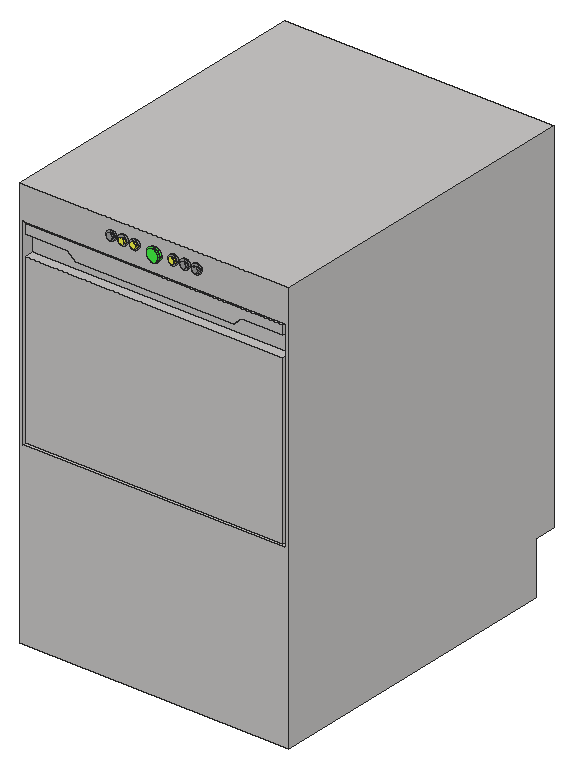
Revit family "QF_ELECTROLUXPROFESSIONAL_402225_ESDICWGB", category Specialty Equipment, Revit 2018
Family settings
  Round Connector Dimension = Use Diameter
  Part Type = Normal
  Work Plane-Based = No
  Always vertical = Yes
  Cut with Voids When Loaded = No
  Shared = No
  Room Calculation Point = No
Parameters
  Weight = 37.00 kg
  Watts = 0 W
  Volts = 0 V
  URL Manufacturer = ""
  URL = "http://professional.electrolux.com/"
  Steam Supply Size = 0 mm
  Steam Supply Minimum Pressure = 0.0 Pa
  Steam Supply Maximum Pressure = 0.0 Pa
  Steam Pounds per Hour = 0
  Show Logo [instance] = yes
  Show Clearance [instance] = yes
  Refrigeration Suction Line Size = 0 mm
  Refrigeration Liquid Line Size = 0 mm
  Refrigerant Compressor Remote = yes
  Manufacturer = ""
  Phase = 0
  Model = ""
  Length Actual = 460 mm  # constant formula
  Item Number = ""
  Hot Water Size = 0 mm
  Height Actual = 715 mm  # constant formula
  HP = "4.4 HP"
  Gas Size = 0 mm
  Gas KW = 0
  Gas Input Pressure = 0 W
  Direct Waste Size = 27 mm
  Description = ""
  Depth Actual = 565 mm  # constant formula
  Cycle = 0 Hz
  Condensate Return Size = 0 mm
  Compressed Air Volume = 0.0 L/s
  Compressed Air Size = 0 mm
  Compressed Air Pressure = 0.0 Pa
  Cold Water Size = 0 mm
  Accessory = yes
Types (2, lengths in mm): name | Volts | URL Manufacturer | URL | Manufacturer | Phase | Model | Item Number | Description | Cycle | Cold Water Size
  (no name) | 0 V | "" | "http://professional.electrolux.com/" | "" | 0 | "" | "" | "" | 0 Hz | 0
  Standard | 220 V | "http://professional.electrolux.com" | "http://professional.electrolux.com" | "Electrolux Professional" | 1 | "ESDICWGB" | "402225" | "GLASSWASHER(S) INS. DOUBLE SKIN, COLD RINSE, WS, DP, DD, RBP, 30B/H" | 50 Hz | 19.05
Reference planes
  plane 1 "Center (Front/Back)": y = 0
  plane 2: z = 0
  plane 3 "Center (Left/Right)": x = 0
  plane 4 "LEFT": x = -230
  plane 5 "RIGHT": x = 230
  plane 6 "FRONT": y = -282.5
  plane 7 "BACK": y = 282.5
  plane 8: x = -202.5
  plane 9: x = 202.5
  plane 10: z = 715
  plane 11: z = 10
Forms (mm)
  Extrusion 1, solid, material "QF_Finishes_Stainless Steel"
    sketch origin (0, 0, 0) x (1, 0, 0) y (0, 1, 0)
      loop
        line (-230, -282.5) -> (230, -282.5) -> (230, 243.5) -> (-230, 243.5) -> (-230, -282.5)
    from 10 to 715
  Extrusion 2, solid, material "QF_Finishes_Stainless Steel"
    sketch origin (0, 0, 0) x (1, 0, 0) y (0, 1, 0)
      loop
        line (-230, 243.5) -> (230, 243.5) -> (230, 282.5) -> (-230, 282.5) -> (-230, 243.5)
    from 100 to 715
  Extrusion 3, solid, material "QF_Finishes_Stainless Steel"
    sketch origin (0, 0, 0) x (1, 0, 0) y (0, 1, 0)
      loop
        circle (-202.5, 184.5) r 12.5
      loop
        circle (202.5, 184.5) r 12.5
      loop
        circle (-202.5, -235.5) r 12.5
      loop
        circle (202.5, -235.5) r 12.5
    from 0 to 10
  Extrusion 4, void
    sketch origin (-230, -282.5, 0) x (-1, 0, 0) y (0, 0, 1)
      loop
        line (-5, 658.217) -> (-455, 658.217) -> (-455, 315) -> (-5, 315) -> (-5, 658.217)
    from 0 to 30
  Extrusion 5, solid, material "QF_Finishes_Stainless Steel"
    sketch origin (-53, -392, 738) x (0, 0, -1) y (1, 0, 0)
      loop
        circle (693, 213) r 10
    from -635.5 to -674.5
  Extrusion 6, solid, material "QF_Door-Drawer Clearances", visible <- "Show Clearance", detail levels coarse
    sketch origin (-230, -282.5, 0) x (0, 1, 0) y (0, 0, -1)
      loop
        line (0, -315) -> (-315, -315)
        arc (-315, -315) -> (-223.2, -545.869) -> (0, -655) r 344.605
        line (0, -655) -> (0, -315)
    from -10 to -450
  Extrusion 7, solid, material "QF_Finishes_Stainless Steel"
    sketch origin (-242.481, -392, 738) x (0, 0, -1) y (1, 0, 0)
      loop
        circle (663, 322.481) r 8
    from -635.5 to -674.5
  Extrusion 8, solid, material "QF_Finishes_Green"
    sketch origin (234, -282.5, -28.75) x (-1, 0, 0) y (0, 0, -1)
      loop
        circle (234, -714.569) r 10
    from 0 to 5
  Extrusion 9, solid, material "QF_Finishes_Gray"
    sketch origin (234, -282.5, -24.375) x (-1, 0, 0) y (0, 0, -1)
      loop
        circle (306.936, -713.972) r 5
    from 0 to 5
  Extrusion 10, solid, material "QF_Finishes_Stainless Steel"
    sketch origin (-230, -282.5, 0) x (0, 1, 0) y (0, 0, -1)
      loop
        line (0, -319.622) -> (0, -605) -> (15, -605) -> (15, -655) -> (25, -655) -> (25, -319.622) -> (0, -319.622)
    from -10 to -450
  Extrusion 11, solid, material "QF_Finishes_Stainless Steel"
    sketch origin (-230, -282.5, 0) x (0, 1, 0) y (0, 0, -1)
      loop
        line (15, -655) -> (15, -652.514) -> (2.5, -652.514) -> (2.5, -626.25) -> (0, -626.25) -> (0, -655) -> (15, -655)
    from -10 to -450
  Extrusion 12, void
    sketch origin (-230, -282.5, 655) x (0, 0, 1) y (1, 0, 0)
      loop
        line (-15.552, 10) -> (-15.552, 81.607) -> (-28.75, 94.804) -> (-28.75, 10) -> (-15.552, 10)
      loop
        line (-15.552, 450) -> (-28.75, 450) -> (-28.75, 365.196) -> (-15.552, 378.393) -> (-15.552, 450)
    from 0 to 2.5
  Extrusion 13, solid, material "QF_Finishes_Stainless Steel"
    sketch origin (-328, -392, 738) x (0, 0, -1) y (1, 0, 0)
      loop
        circle (663, 228) r 8
    from -635.5 to -674.5
  Extrusion 14, solid, material "QF_Finishes_Green"
    sketch origin (-230, -282.5, 0) x (1, 0, 0) y (0, 0, 1)
      loop
        circle (230, 685.819) r 12
      loop
        circle (230, 685.819) r 10
    from 0 to 2.5
  Extrusion 15, solid, material "QF_Finishes_Gray"
    sketch origin (-210, -282.5, -28.75) x (1, 0, 0) y (0, 0, 1)
      loop
        circle (262.936, 718.347) r 8
      loop
        circle (262.936, 718.347) r 5
      loop
        circle (242.936, 718.347) r 8
      loop
        circle (242.936, 718.347) r 5
      loop
        circle (282.936, 718.347) r 8
      loop
        circle (282.936, 718.347) r 5
    from 0 to 2.5
  Extrusion 16, solid, material "QF_Finishes_Gray"
    sketch origin (-234, -282.5, -24.375) x (1, 0, 0) y (0, 0, 1)
      loop
        circle (286.936, 713.972) r 5
      loop
        circle (306.936, 713.972) r 5
    from 0 to 5
  Extrusion 17, solid, material "QF_Finishes_Gray"
    sketch origin (210, -282.5, -28.75) x (-1, 0, 0) y (0, 0, -1)
      loop
        circle (262.936, -718.347) r 8
      loop
        circle (262.936, -718.347) r 5
      loop
        circle (242.936, -718.347) r 8
      loop
        circle (242.936, -718.347) r 5
      loop
        circle (282.936, -718.347) r 8
      loop
        circle (282.936, -718.347) r 5
    from 0 to 2.5
  Extrusion 18, solid, material "QF_Finishes_Yellow"
    sketch origin (254, -282.5, -24.375) x (-1, 0, 0) y (0, 0, -1)
      loop
        circle (306.936, -713.972) r 5
    from 0 to 5
  Extrusion 19, solid, material "QF_Finishes_Yellow"
    sketch origin (274, -282.5, -24.375) x (-1, 0, 0) y (0, 0, -1)
      loop
        circle (306.936, -713.972) r 5
    from 0 to 5
  Extrusion 20, solid, material "QF_Finishes_Yellow"
    sketch origin (339.871, -282.5, -24.375) x (-1, 0, 0) y (0, 0, -1)
      loop
        circle (306.936, -713.972) r 5
    from 0 to 5
Cuts and joins
  Extrusion 4 cuts Extrusion 1
  joined: Extrusion 1, Extrusion 2
  Extrusion 12 cuts Extrusion 10
  Extrusion 12 cuts Extrusion 11
Lines and regions (mm)
  Split face 1
    outline origin (-230, -282.5, 715) x (0, 0, -1) y (1, 0, 0)
      loop
        line (35, 0) -> (35, 60) -> (49.142, 74.142) -> (49.142, 214.142) -> (11.456, 214.142)
        arc (11.456, 214.142) -> (9.82, 214.82) -> (9.142, 216.456) r 2.314
        line (9.142, 216.456) -> (9.142, 230) -> (9.142, 243.544)
        arc (9.142, 243.544) -> (9.82, 245.18) -> (11.456, 245.858) r 2.314
        line (11.456, 245.858) -> (49.142, 245.858) -> (49.142, 385.858) -> (35, 400) -> (35, 460)
      loop
        line (56.783, 5) -> (56.783, 0)
      loop
        line (56.783, 455) -> (56.783, 460)
  symbolic lines
    curve 1: line (-230, 282.5, 0) -> (230, 282.5, 0)
    curve 2: line (-230, -282.5, 0) -> (-230, 282.5, 0)
    curve 3: line (230, -282.5, 0) -> (-230, -282.5, 0)
    curve 4: line (230, 282.5, 0) -> (230, -282.5, 0)
    curve 9: line (-80.94, -285, 0) -> (-80.94, -282.5, 0)
    curve 10: line (-64.948, -285, 0) -> (-64.948, -282.5, 0)
    curve 11: line (-77.926, -287.5, 0) -> (-67.936, -287.5, 0)
    curve 12: line (-67.936, -287.5, 0) -> (-67.936, -285, 0)
    curve 13: line (-77.926, -287.5, 0) -> (-77.926, -285, 0)
    curve 14: line (-60.936, -285, 0) -> (-44.936, -285, 0)
    curve 15: line (-44.936, -285, 0) -> (-44.936, -282.5, 0)
    curve 16: line (-60.936, -285, 0) -> (-60.936, -282.5, 0)
    curve 17: line (-57.936, -287.5, 0) -> (-47.936, -287.5, 0)
    curve 18: line (-47.936, -287.5, 0) -> (-47.936, -285, 0)
    curve 19: line (-57.936, -287.5, 0) -> (-57.936, -285, 0)
    curve 20: line (-40.936, -285, 0) -> (-24.936, -285, 0)
    curve 21: line (-24.936, -285, 0) -> (-24.936, -282.5, 0)
    curve 22: line (-40.936, -285, 0) -> (-40.936, -282.5, 0)
    curve 23: line (-37.936, -287.5, 0) -> (-27.936, -287.5, 0)
    curve 24: line (-27.936, -287.5, 0) -> (-27.936, -285, 0)
    curve 25: line (-37.936, -287.5, 0) -> (-37.936, -285, 0)
    curve 26: line (24.936, -285, 0) -> (40.936, -285, 0)
    curve 27: line (40.936, -285, 0) -> (40.936, -282.5, 0)
    curve 28: line (27.936, -287.5, 0) -> (37.936, -287.5, 0)
    curve 29: line (37.936, -287.5, 0) -> (37.936, -285, 0)
    curve 30: line (27.936, -287.5, 0) -> (27.936, -285, 0)
    curve 31: line (24.936, -285, 0) -> (24.936, -282.5, 0)
    curve 32: line (-12, -285, 0) -> (12, -285, 0)
    curve 33: line (12, -285, 0) -> (12, -282.5, 0)
    curve 34: line (-12, -285, 0) -> (-12, -282.5, 0)
    curve 35: line (-10, -287.5, 0) -> (10, -287.5, 0)
    curve 36: line (10, -287.5, 0) -> (10, -285, 0)
    curve 37: line (-10, -287.5, 0) -> (-10, -285, 0)
    curve 39: line (44.936, -285, 0) -> (60.936, -285, 0)
    curve 40: line (60.936, -285, 0) -> (60.936, -282.5, 0)
    curve 41: line (47.936, -287.5, 0) -> (57.936, -287.5, 0)
    curve 42: line (57.936, -287.5, 0) -> (57.936, -285, 0)
    curve 43: line (47.936, -287.5, 0) -> (47.936, -285, 0)
    curve 44: line (44.936, -285, 0) -> (44.936, -282.5, 0)
    curve 45: line (64.936, -285, 0) -> (80.936, -285, 0)
    curve 46: line (80.936, -285, 0) -> (80.936, -282.5, 0)
    curve 47: line (67.936, -287.5, 0) -> (77.936, -287.5, 0)
    curve 48: line (77.936, -287.5, 0) -> (77.936, -285, 0)
    curve 49: line (67.936, -287.5, 0) -> (67.936, -285, 0)
    curve 50: line (64.936, -285, 0) -> (64.936, -282.5, 0)
  symbolic lines, style "QF_Door-Drawer Clearances"
    curve 5: line (-220, -597.5, 0) -> (220, -597.5, 0)
    curve 6: line (220, -597.5, 0) -> (220, -282.5, 0)
    curve 7: line (-220, -597.5, 0) -> (-220, -282.5, 0)
  symbolic lines, style "SpecialityEquipment"
    curve 8: line (-80.94, -285, 0) -> (-64.948, -285, 0)
  symbolic lines, style "SpecialityEquipmentHiddenLines"
    curve 38: line (-230, 243.5, 0) -> (230, 243.5, 0)
Dimensions and locks
  equal spacing: plane 4 "LEFT", plane 3 "Center (Left/Right)", plane 5 "RIGHT"
  equal spacing: plane 7 "BACK", plane 1 "Center (Front/Back)", plane 6 "FRONT"
  plane 7 "BACK" to plane 6 "FRONT" = 565 mm
  plane 4 "LEFT" to plane 5 "RIGHT" = 460 mm
  plane 4 "LEFT" to plane 8 = 27.5 mm
  plane 9 to plane 5 "RIGHT" = 27.5 mm
  locked: plane 11 to level at 10
  plane 4 "LEFT" to plane 3 "Center (Left/Right)" = 230 mm
  plane 10 to level = 715 mm  (x2)
  plane 8 to plane 9 = 405 mm
  level to Extrusion 13 sketch curve = 75 mm
  Extrusion 13 sketch curve to plane 4 "LEFT" = 130 mm
  level to Extrusion 5 sketch curve = 45 mm
  Extrusion 5 sketch curve to plane 4 "LEFT" = 390 mm
  Extrusion 7 sketch curve to plane 4 "LEFT" = 310 mm
  level to Extrusion 7 sketch curve = 75 mm
  locked: Extrusion 3 to cut or joined group of Extrusion 1, Extrusion 2, Extrusion 4 at 98
  Extrusion 3 to Extrusion 3 = 420 mm
  locked: plane 6 "FRONT" to Extrusion 3 at 47
  plane 9 to plane 8 = 405 mm
  plane 7 "BACK" to curve 5 = 880 mm
  cut or joined group of Extrusion 10, Extrusion 12 to cut or joined group of Extrusion 1, Extrusion 2, Extrusion 4 = 290 mm
  aligned and locked: level to plane 2
  aligned and locked: Extrusion 1 sketch curve to plane 6 "FRONT"
  aligned and locked: Extrusion 1 sketch curve to plane 4 "LEFT"
  aligned and locked: plane 5 "RIGHT" to Extrusion 1 sketch curve
  aligned and locked: Extrusion 1 to plane 11
  aligned and locked: Extrusion 2 sketch curve to Extrusion 1  (x2)
  aligned and locked: plane 7 "BACK" to Extrusion 2 sketch curve
  aligned and locked: plane 5 "RIGHT" to Extrusion 2 sketch curve
  aligned and locked: plane 11 to Extrusion 3
  aligned and locked: Extrusion 2 to Extrusion 5
  aligned and locked: Extrusion 2 to Extrusion 7
  aligned and locked: plane 7 "BACK" to Extrusion 7
  aligned and locked: plane 7 "BACK" to Extrusion 5
  aligned and locked: cut or joined group of Extrusion 11, Extrusion 12 to Extrusion 12
  aligned and locked: plane 10 to Extrusion 2
Automatic sketch dimensions
  curve 1 to plane 4 "LEFT" = 0 mm
  curve 7 to plane 6 "FRONT" = 0 mm
  curve 4 to plane 5 "RIGHT" = 0 mm
  curve 2 to plane 7 "BACK" = 0 mm
  plane 4 "LEFT" to curve 5 = 10 mm
  curve 8 to plane 6 "FRONT" = 2.5 mm
  curve 8 to plane 3 "Center (Left/Right)" = 80.94 mm
  curve 8 to curve 11 = 3.013 mm
  curve 11 to curve 11 = 9.991 mm
  curve 12 to curve 10 = 2.987 mm
  curve 8 to curve 16 = 4.013 mm
  curve 14 to curve 19 = 3 mm
  curve 17 to plane 6 "FRONT" = 5 mm
  curve 17 to curve 17 = 10 mm
  curve 18 to curve 14 = 3 mm
  curve 14 to curve 20 = 4 mm
  curve 20 to curve 25 = 3 mm
  curve 24 to plane 6 "FRONT" = 5 mm
  curve 23 to curve 24 = 10 mm
  curve 24 to curve 21 = 3 mm
  curve 34 to plane 6 "FRONT" = 2.5 mm
  curve 34 to plane 3 "Center (Left/Right)" = 12 mm
  curve 32 to curve 37 = 2 mm
  plane 3 "Center (Left/Right)" to curve 36 = 10 mm
  curve 36 to curve 33 = 2 mm
  curve 26 to plane 6 "FRONT" = 2.5 mm
  curve 32 to curve 26 = 12.936 mm
  curve 26 to curve 30 = 3 mm
  curve 28 to plane 6 "FRONT" = 5 mm
  curve 28 to curve 28 = 10 mm
  curve 29 to curve 27 = 3 mm
  curve 26 to curve 44 = 4 mm
  curve 39 to curve 43 = 3 mm
  curve 41 to plane 6 "FRONT" = 5 mm
  curve 41 to curve 41 = 10 mm
  curve 42 to curve 39 = 3 mm
  curve 39 to curve 50 = 4 mm
  curve 45 to curve 47 = 3 mm
  curve 47 to plane 6 "FRONT" = 5 mm
  curve 47 to curve 47 = 10 mm
  curve 48 to curve 45 = 3 mm
  curve 6 to plane 5 "RIGHT" = 10 mm
  curve 35 to curve 36 = 2.5 mm
  curve 11 to curve 13 = 2.5 mm
  curve 15 to plane 6 "FRONT" = 2.5 mm
  curve 20 to plane 6 "FRONT" = 2.5 mm
  curve 40 to plane 6 "FRONT" = 2.5 mm
  curve 45 to plane 6 "FRONT" = 2.5 mm
  curve 38 to plane 7 "BACK" = 39 mm
  Extrusion 1 sketch curve to plane 7 "BACK" = 39 mm
  Extrusion 3 sketch curve to plane 8 = 0 mm  (x2)
  Extrusion 3 sketch curve to plane 9 = 0 mm  (x2)
  plane 6 "FRONT" to Extrusion 3 sketch curve = 47 mm  (x2)
  Extrusion 3 sketch curve to plane 7 "BACK" = 98 mm  (x2)
  Extrusion 4 sketch curve to Extrusion 1 = 5 mm  (x2)
  Extrusion 4 sketch curve to Extrusion 1 = 305 mm
  Extrusion 4 sketch curve to Extrusion 1 = 56.783 mm
  Extrusion 6 sketch curve to plane 6 "FRONT" = 0 mm
  Extrusion 6 sketch curve to plane 6 "FRONT" = 315 mm
  plane 6 "FRONT" to Extrusion 6 sketch curve = 29.589 mm
  Extrusion 6 sketch curve to plane 10 = 60 mm
  plane 11 to Extrusion 6 sketch curve = 305 mm
  Extrusion 8 sketch curve to Extrusion 8 sketch curve = 0 mm  (x2)
  Extrusion 8 sketch curve to plane 3 "Center (Left/Right)" = 0 mm
  Extrusion 8 sketch curve to plane 10 = 29.181 mm
  plane 3 "Center (Left/Right)" to Extrusion 8 sketch curve = 10 mm
  Extrusion 9 sketch curve to Extrusion 9 sketch curve = 0 mm  (x2)
  Extrusion 9 sketch curve to plane 10 = 25.403 mm
  Extrusion 9 sketch curve to plane 3 "Center (Left/Right)" = 72.936 mm
  Extrusion 9 sketch curve to Extrusion 9 sketch curve = 5 mm
  Extrusion 10 sketch curve to plane 6 "FRONT" = 0 mm
  plane 6 "FRONT" to Extrusion 10 sketch curve = 15 mm
  Extrusion 10 sketch curve to Extrusion 10 sketch curve = 25 mm
  Extrusion 10 sketch curve to plane 10 = 60 mm
  Extrusion 10 sketch curve to Extrusion 10 sketch curve = 50 mm
  Extrusion 10 sketch curve to Extrusion 10 sketch curve = 285.378 mm
  Extrusion 11 sketch curve to plane 6 "FRONT" = 0 mm
  Extrusion 11 sketch curve to Extrusion 11 sketch curve = 2.5 mm
  Extrusion 11 sketch curve to Extrusion 11 sketch curve = 12.5 mm
  Extrusion 11 sketch curve to plane 10 = 60 mm
  Extrusion 11 sketch curve to Extrusion 11 sketch curve = 2.486 mm
  Extrusion 11 sketch curve to Extrusion 11 sketch curve = 26.264 mm
  Extrusion 12 sketch curve to Extrusion 11 = 0 mm  (x3)
  Extrusion 11 to Extrusion 12 sketch curve = 0 mm
  Extrusion 12 sketch curve to Extrusion 11 = 13.198 mm  (x2)
  Extrusion 12 sketch curve to Extrusion 11 = 71.607 mm
  Extrusion 12 sketch curve to Extrusion 12 sketch curve = 13.198 mm  (x2)
  Extrusion 12 sketch curve to Extrusion 11 = 84.804 mm
  Extrusion 14 sketch curve to Extrusion 14 sketch curve = 0 mm  (x2)
  Extrusion 1 to Extrusion 14 sketch curve = 29.181 mm
  Extrusion 1 to Extrusion 14 sketch curve = 230 mm
  Extrusion 15 sketch curve to Extrusion 15 sketch curve = 0 mm  (x8)
  plane 3 "Center (Left/Right)" to Extrusion 15 sketch curve = 32.936 mm
  Extrusion 15 sketch curve to Extrusion 15 sketch curve = 20 mm  (x2)
  Extrusion 15 sketch curve to plane 10 = 25.403 mm
  Extrusion 16 sketch curve to Extrusion 16 sketch curve = 0 mm  (x5)
  Extrusion 16 sketch curve to plane 10 = 25.403 mm
  plane 3 "Center (Left/Right)" to Extrusion 16 sketch curve = 52.936 mm
  Extrusion 16 sketch curve to Extrusion 16 sketch curve = 20 mm
  Extrusion 16 sketch curve to Extrusion 16 sketch curve = 5 mm  (x2)
  Split face 1 sketch curve to cut or joined group of Extrusion 1, Extrusion 2, Extrusion 4 = 0 mm  (x6)
  cut or joined group of Extrusion 1, Extrusion 2, Extrusion 4 to Split face 1 sketch curve = 0 mm  (x2)
  cut or joined group of Extrusion 1, Extrusion 2, Extrusion 4 to Split face 1 sketch curve = 7.641 mm  (x2)
  Split face 1 sketch curve to Split face 1 sketch curve = 14.142 mm  (x4)
  Split face 1 sketch curve to cut or joined group of Extrusion 1, Extrusion 2, Extrusion 4 = 11.456 mm  (x2)
  Split face 1 sketch curve to cut or joined group of Extrusion 1, Extrusion 2, Extrusion 4 = 9.142 mm
  Split face 1 sketch curve to cut or joined group of Extrusion 1, Extrusion 2, Extrusion 4 = 55 mm
  Split face 1 sketch curve to Split face 1 sketch curve = 140 mm
  Split face 1 sketch curve to Split face 1 sketch curve = 13.544 mm  (x2)
  Split face 1 sketch curve to cut or joined group of Extrusion 1, Extrusion 2, Extrusion 4 = 69.142 mm
  Extrusion 17 sketch curve to Extrusion 17 sketch curve = 0 mm  (x8)
  Extrusion 17 sketch curve to plane 3 "Center (Left/Right)" = 32.936 mm
  Extrusion 17 sketch curve to Extrusion 17 sketch curve = 20 mm  (x2)
  Extrusion 17 sketch curve to plane 10 = 25.403 mm
  Extrusion 18 sketch curve to Extrusion 18 sketch curve = 0 mm  (x2)
  Extrusion 18 sketch curve to plane 10 = 25.403 mm
  Extrusion 18 sketch curve to plane 3 "Center (Left/Right)" = 52.936 mm
  Extrusion 18 sketch curve to Extrusion 18 sketch curve = 5 mm
  Extrusion 19 sketch curve to Extrusion 19 sketch curve = 0 mm  (x2)
  Extrusion 19 sketch curve to plane 3 "Center (Left/Right)" = 32.936 mm
  Extrusion 19 sketch curve to plane 10 = 25.403 mm
  Extrusion 19 sketch curve to Extrusion 19 sketch curve = 5 mm
  Extrusion 20 sketch curve to Extrusion 20 sketch curve = 0 mm  (x2)
  plane 3 "Center (Left/Right)" to Extrusion 20 sketch curve = 32.936 mm
  Extrusion 20 sketch curve to plane 10 = 25.403 mm
  Extrusion 20 sketch curve to Extrusion 20 sketch curve = 5 mm
  radius of Extrusion 5 sketch curve = 10 mm
  radius of Extrusion 7 sketch curve = 8 mm
  radius of Extrusion 13 sketch curve = 8 mm
  radius of Extrusion 3 sketch curve = 12.5 mm  (x4)
  radius of Extrusion 14 sketch curve = 12 mm
  radius of Extrusion 14 sketch curve = 10 mm
  radius of Extrusion 15 sketch curve = 8 mm  (x3)
  radius of Extrusion 15 sketch curve = 5 mm  (x3)
  radius of Extrusion 17 sketch curve = 8 mm  (x3)
  radius of Extrusion 17 sketch curve = 5 mm  (x3)
Connectors
  piping at (160, 282.5, 45), diameter 20
    settings: on Extrusion 5, index 1, connector inside diameter 609.6 mm, connector length 0 mm, flow factor 0, pipe flow 0.0 L/s, pressure drop 0.0 Pa, fitting loss kfactor 0, connector angle 0.00°, fixture units 0, engagement length 0 mm, angle of deflection 0.00°, flow configuration 1, flow direction 1, fitting loss method 0, system type 16, joint type 0, gender type 0, connector reference index -1, connector utility 0, adjustable connector no, is connector primary yes, connector description "Drain"
  piping at (80, 282.5, 75), driven by "Cold Water Size"
    settings: on Extrusion 7, index 3, connector diameter 0 mm, connector inside diameter 609.6 mm, connector length 0 mm, flow factor 0, pipe flow 0.0 L/s, pressure drop 0.0 Pa, fitting loss kfactor 0, connector angle 0.00°, fixture units 0, engagement length 0 mm, angle of deflection 0.00°, flow configuration 1, flow direction 1, fitting loss method 0, system type 20, joint type 0, gender type 0, connector reference index -1, connector utility 0, adjustable connector no, is connector primary no, connector description "Cold Water Inlet"
  electrical at (-100, 282.5, 75), driven by "Volts"
    settings: on Extrusion 13, index 4, voltage 0 V, apparent load 0 VA, apparent load phase1 0 VA, apparent load phase2 0 VA, apparent load phase3 0 VA, power factor 1, load classification "Altro", number of poles 1, system type 31, power factor state 1, is connector primary yes, connector utility no, sub classification motor no, connector description "Electrical Connection"
